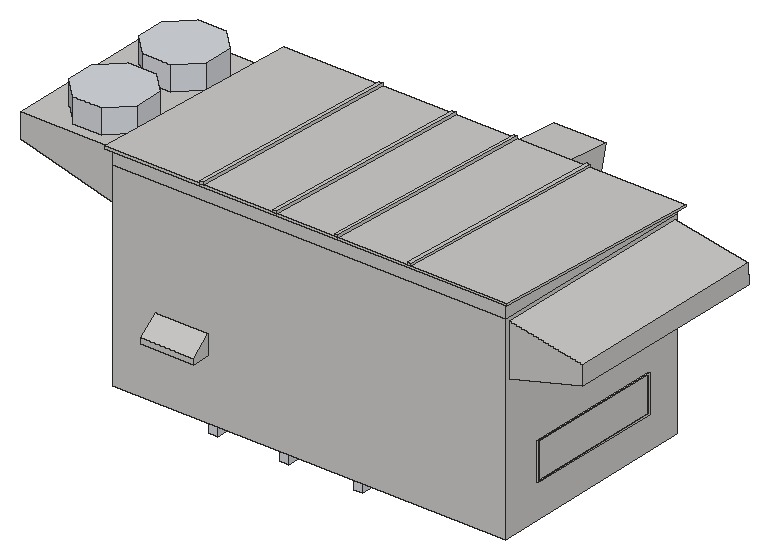
Revit family "DN5_PKGD_RT_ECH_2FP", category Mechanical Equipment, Revit 2019
Family settings
  Round Connector Dimension = Use Diameter
  Part Type = Normal
  Work Plane-Based = No
  Always vertical = Yes
  Cut with Voids When Loaded = No
  Shared = No
  Room Calculation Point = No
Parameters (values of type "4@2.70 kW 200-240V")
  Refrigerant = "R410A"
  Nominal Capacity Range = "5.5T - 30T"
  Voltage = "200-240V"
  Unit Weight (lbs) = "4825-6350 lbs."
  Unit Dimension (L x W x H) = "249-3/8\" x 128-3/8\" x 96-1/4\""
  Unit = Renewaire - Galvanized Steel
  URL = "www.renewaire.com"
  Typical Airflow Range = "1,125-4,950 CFM"
  Standard Features = "EC Motors for both airstreams, Direct drive backward inclined plenum, Higher ESP of up to 3\" w.g. at 4,500 CFM, Integrated programmable controls, True 100% face and bypass enthalpy based modulating economizer, Class 1 low leakage motorized isolation dampers, Stainless steel double-sloped drain pan with cooling option, 1\" Double wall foam injected 20 gauge galvanized panel construction with R6.5 insulation"
  Shipping Dimensions (L x W x H) = "249-3/8\" x 128-3/8\" x 96-1/4\""
  Service Area Visibility = yes
  Service Area Box = Renewaire - Interference
  Revit Object Download Link = ""
  Phase = "3"
  Options = "DX, heat pump, or chilled water cooling coil, Modulating hot gas reheat, Steam or hot water coil, gas heat module or electric heater, Onboard variable frequency drives (VFDs) - both airstreams, Fused disconnect, Spring isolators (VFDs only), 2\" Double wall foam injected 20 gauge galvanized panel construction with R13 insulation, Exterior paint - grey, white, custom color, Salt spray - 2500 hours, BACNET factory activation, GFCI convenience outlet, Recirculation damper, Drain overflow switch, Mist Eliminator, Electrofin coating for coils"
  Number of Condenser Fans = "Qty. 2, EC motor, Direct drive"
  Number Motors = "Qty. 4, Direct drive motorized impeller packages"
  Model = "DN-5XRT-2FP-ECH"
  Max. Shipping Weight (lbs) = "5000-6800 lbs."
  Manufacturer = "Renewaire LLC"
  Inlets/Outlets [instance] = "OA & RA Inlets: 60\" x 16\", SA Outlet: 24\" x 16\", EA Outlet: 20\" x 32\""
  Frequency = "50/60 Hz"
  Filters [instance] = "Total qty. 10, MERV 8: 16\" x 20\" x 2\""
  Features (default) = "BLDC Variable Speed Compressor, Integrated Refrigeration Controller, Electronic Expansion Valve, Filter Drier, Sight Glass"
  Energy Recovery Type = "Static plate total energy transfer"
  Description = "Energy Recovery Ventilator"
  Bypass Filters [instance] = "Total qty. 4, MERV 8: 16\" x 20\" x 2\""
  Available Options = "Fixed Speed Compressor, Suction Accumlator w/HGRH, Modulating 3-way Valve w/HGRH"
  Accessories = "Filters - MERV 13, 2\"  and 4\" (shipped loose), MERV 14, 2\" and 4\" (shipped loose), Additional filters available upon request, Roof curb - standard 14\", Hurricane or seismic rated curbs, Curb clip kit, Carbon dioxide sensor/control - wall mount (CO2-W), duct mount (CO2-D), IAQ sensor - wall mount (IAQ-W), duct mount (IAQ-D), Motion occupancy sensor/control - ceiling mount (MC-C), wall mount (MC-W), Smoke detector, Room temperature and humidity sensor, Duct static pressure sensor with display to 10\", without display 0-2\", Room pressure sensor with display to 1\", without display 0-1\", Waterless trap negative pressure, waterless trap positive pressure, Remote display"
  AHRI 1060 Certified Core = "One L-62-G5 and four L-125-G5"
Types (6): name | Voltage | Max. Shipping Weight (lbs)
  (no name) | "200-240V" | "5000-6800 lbs."
  4@2.70 kW 200-240V | "200-240V" | "5000-6800 lbs."
  4@3.70 kW 380-480V | "380-480V" | "4825-6350 lbs."
  4@5HP 208-230V | "208-230V" | "4825-6350 lbs."
  4@5HP 460V | "460V" | "4825-6350 lbs."
  4@5HP 575V | "575V" | "4825-6350 lbs."
Reference planes (in)
  plane 1 "Center (Front/Back)": y = 0
  plane 2: z = 0
  plane 3 "Center (Left/Right)": x = 0
  plane 4: x = -170
Forms (in)
  Extrusion 1, solid, material "Renewaire - Galvanized Steel" <- "Unit"
    sketch origin (0, 0, 0) x (1, 0, 0) y (0, 1, 0)
      loop
        line (-170, 46.5) -> (-170, -46.38324) -> (0, -46.38324) -> (0, 46.5) -> (-170, 46.5)
    from 0 to 85.625
  Extrusion 2, void
    sketch origin (0, 0, 0) x (1, 0, 0) y (0, 1, 0)
      loop
        line (-168, 44.61676) -> (-168, -44.38324) -> (-2, -44.38324) -> (-2, 44.61676) -> (-168, 44.61676)
    from -3 to 5.699
  Extrusion 3, void
    sketch origin (0, 0, 0) x (1, 0, 0) y (0, 1, 0)
      loop
        line (-161.92015, 12.11675) -> (-161.92015, -11.88325) -> (-145.92015, -11.88325) -> (-145.92015, 12.11675) -> (-161.92015, 12.11675)
      loop
        line (-22.1125, 30.11677) -> (-22.1125, -29.88323) -> (-6.1125, -29.88323) -> (-6.1125, 30.11677) -> (-22.1125, 30.11677)
    from 4.75 to 6.699
  Extrusion 4, solid, material "Renewaire - Galvanized Steel" <- "Unit"
    sketch origin (0, 0, 1) x (0, 1, 0) y (0, 0, 1)
      loop
        line (12.11677, 33.30845) -> (-11.88323, 33.30845) -> (-11.88323, 17.30844) -> (12.11677, 17.30844) -> (12.11677, 33.30845)
      loop
        line (11.99177, 33.18345) -> (-11.75823, 33.18345) -> (-11.75823, 17.43344) -> (11.99177, 17.43344) -> (11.99177, 33.18345)
    from -171 to -170
  Extrusion 5, solid, material "Renewaire - Galvanized Steel" <- "Unit"
    sketch origin (0, 0, 1) x (0, 1, 0) y (0, 0, 1)
      loop
        line (-29.87714, 30.29275) -> (-29.87714, 14.29275) -> (30.12286, 14.29275) -> (30.12286, 30.29275) -> (-29.87714, 30.29275)
      loop
        line (-29.75214, 30.16775) -> (-29.75214, 14.41775) -> (29.99786, 14.41775) -> (29.99786, 30.16775) -> (-29.75214, 30.16775)
    from 0 to 1
  Extrusion 6, void
    sketch origin (1.14181, 0, 0) x (1, 0, 0) y (0, 1, 0)
      loop
        line (-218.39977, 84.48898) -> (-218.39977, -128.52424) -> (30.97523, -128.52424) -> (30.97523, 84.48898) -> (-218.39977, 84.48898)
    from 0 to 85.625
  Extrusion 7, solid, material "Renewaire - Galvanized Steel" <- "Unit"
    sketch origin (0, 0, 0) x (1, 0, 0) y (0, 0, 1)
      loop
        line (-174.35703, 29.51719) -> (-172.22177, 21.5483) -> (-170, 21.5483) -> (-170, 30.68465) -> (-174.35703, 29.51719)
    from 13.95062 to 22.38261
  Extrusion 8, solid, material "Renewaire - Galvanized Steel" <- "Unit"
    sketch origin (0, 0, 0) x (1, 0, 0) y (0, 0, 1)
      loop
        line (0, 84.15518) -> (0, 61.47937) -> (32.11703, 70.0851) -> (32.11703, 78.49208) -> (0, 84.15518)
    from -44.7985 to 44.79848
  Extrusion 9, solid, material "Renewaire - Galvanized Steel" <- "Unit"
    sketch origin (0, -0.05715, 0) x (0, 1, 0) y (0, 0, 1)
      loop
        line (-46.32609, 34.70008) -> (-54.20109, 28.47093) -> (-54.20109, 26.14738) -> (-46.32609, 26.14738) -> (-46.32609, 34.70008)
    from -151.59033 to -128.80034
  Extrusion 10, solid, material "Renewaire - Galvanized Steel" <- "Unit"
    sketch origin (0, 0, 0) x (0, 1, 0) y (0, 0, 1)
      loop
        line (46.49998, 84.66539) -> (46.49998, 48.56516) -> (66.93162, 56.04337) -> (74.10032, 82.203) -> (46.49998, 84.66539)
    from -75.49335 to -52.94936
  Extrusion 11, solid, material "Renewaire - Galvanized Steel" <- "Unit"
    sketch origin (0, 0, 0) x (0, 1, 0) y (0, 0, 1)
      loop
        line (48.48898, 88.92286) -> (-48.48124, 93.09645) -> (-48.52424, 92.09738) -> (48.44598, 87.92379) -> (48.48898, 88.92286)
    from -172 to 2
  Extrusion 12, solid, material "Renewaire - Galvanized Steel" <- "Unit"
    sketch origin (0, 0, 0) x (0, 1, 0) y (0, 0, 1)
      loop
        line (-46.50002, 92.01025) -> (-46.50002, 85.625) -> (46.5, 85.625) -> (46.5, 88.00755) -> (-46.50002, 92.01025)
    from -170 to 0
  Extrusion 13, solid, material "Renewaire - Galvanized Steel" <- "Unit"
    sketch origin (0, 0, 0) x (0, 1, 0) y (0, 0, 1)
      loop
        line (48.53198, 89.92194) -> (-48.43824, 94.09553) -> (-48.48124, 93.09645) -> (48.48898, 88.92286) -> (48.53198, 89.92194)
    from -99.18333 to -97.51386
  Extrusion 14, solid, material "Renewaire - Galvanized Steel" <- "Unit"
    sketch origin (0, 0, 0) x (0, 1, 0) y (0, 0, 1)
      loop
        line (48.53198, 89.92194) -> (-48.43824, 94.09553) -> (-48.48124, 93.09645) -> (48.48898, 88.92286) -> (48.53198, 89.92194)
    from -72.5309 to -71.07253
  Extrusion 15, solid, material "Renewaire - Galvanized Steel" <- "Unit"
    sketch origin (0, 0, 0) x (0, 1, 0) y (0, 0, 1)
      loop
        line (48.53198, 89.92194) -> (-48.43824, 94.09553) -> (-48.48124, 93.09645) -> (48.48898, 88.92286) -> (48.53198, 89.92194)
    from -40.80093 to -39.30587
  Extrusion 16, solid, material "Renewaire - Galvanized Steel" <- "Unit"
    sketch origin (0, 0, 0) x (0, 1, 0) y (0, 0, 1)
      loop
        line (48.53198, 89.92194) -> (-48.43824, 94.09553) -> (-48.48124, 93.09645) -> (48.48898, 88.92286) -> (48.53198, 89.92194)
    from -130.7389 to -129.24387
  Extrusion 17, solid, material "Renewaire - Galvanized Steel" <- "Unit"
    sketch origin (-111.5048, 0.59476, 19.61356) x (-1, 0, 0) y (0, 0, -1)
      loop
        line (58.5, -66.01144) -> (105.75317, -66.01144) -> (105.75317, -55.74362) -> (58.5, -42.92593) -> (58.5, -66.01144)
    from 38.15726 to -38.09274
  Extrusion 18, solid
    sketch origin (-39.2883, -75.46529, 114.46561) x (0.999048, 0.043619, 0) y (-0.043619, 0.999048, 0)
      loop
        line (-143.41504, 78.57827) -> (-155.64926, 79.11243) -> (-164.67786, 70.83924) -> (-165.21202, 58.60502) -> (-156.93883, 49.57642) -> (-144.70461, 49.04226) -> (-135.67601, 57.31545) -> (-135.14185, 69.54967) -> (-143.41504, 78.57827)
    from -18.21561 to -28.84061
  Extrusion 19, solid
    sketch origin (-39.2883, -37.66513, 114.46561) x (0.999048, 0.043619, 0) y (-0.043619, 0.999048, 0)
      loop
        line (-143.41504, 78.57827) -> (-155.64926, 79.11243) -> (-164.67786, 70.83924) -> (-165.21202, 58.60502) -> (-156.93883, 49.57642) -> (-144.70461, 49.04226) -> (-135.67601, 57.31545) -> (-135.14185, 69.54967) -> (-143.41504, 78.57827)
    from -18.21561 to -28.84061
  Extrusion 20, void
    sketch origin (-201.60819, -1.48188, 96) x (1, 0, 0) y (0, 1, 0)
      loop
        line (-15.52477, 40.20513) -> (-15.52477, -36.08062) -> (29.73319, -36.08062) -> (29.73319, 40.20513) -> (-15.52477, 40.20513)
    from 0.25 to 48.25
  Extrusion 21, solid
    sketch origin (0, 0, 0) x (1, 0, 0) y (0, 1, 0)
      loop
        line (-165.39844, 37.125) -> (-142, 37.125) -> (-142, 37.6) -> (-165.39844, 37.6) -> (-165.39844, 37.125)
      loop
        line (-110.266, 37.125) -> (-100.766, 37.125) -> (-100.766, 37.6) -> (-110.266, 37.6) -> (-110.266, 37.125)
    from 0 to -6
  Extrusion 22, solid
    sketch origin (1.25, 0, 0) x (1, 0, 0) y (0, 1, 0)
      loop
        line (-132.25, -39.38324) -> (-132.25, -43.38324) -> (-128.25, -43.38324) -> (-128.25, -39.38324) -> (-132.25, -39.38324)
      loop
        line (-101.367, -43.38324) -> (-97.367, -43.38324) -> (-97.367, -39.38324) -> (-101.367, -39.38324) -> (-101.367, -43.38324)
      loop
        line (-69.522, -43.38324) -> (-65.522, -43.38324) -> (-65.522, -39.38324) -> (-69.522, -39.38324) -> (-69.522, -43.38324)
    from 0 to -6
  Extrusion 23, solid
    sketch origin (-123.1887, -17.20097, 86.5956) x (1, 0, 0) y (0, 1, 0)
      loop
        line (-48.37017, -17.68227) -> (-48.37017, -21.18227) -> (-46.80927, -21.18227) -> (-46.80927, -17.68227) -> (-48.37017, -17.68227)
    from -24.05611 to -29
Cuts and joins
  Extrusion 2, Extrusion 3, Extrusion 20 cuts Extrusion 1
  Extrusion 20 cuts Extrusion 4
  Extrusion 20 cuts Extrusion 5
  Extrusion 20 cuts Extrusion 7
  Extrusion 20 cuts Extrusion 8
  Extrusion 20 cuts Extrusion 9
  Extrusion 20 cuts Extrusion 10
  Extrusion 20 cuts Extrusion 12
  Extrusion 20 cuts Extrusion 17
  Extrusion 20 cuts Extrusion 18
  Extrusion 20 cuts Extrusion 19
Lines and regions (in)
  model lines
    curve 1: line (-132.25, -39.38324, 0) -> (-132.25, -43.38324, 0)
    curve 2: line (-101.367, -39.38324, 0) -> (-101.367, -43.38324, 0)
    curve 3: line (-69.522, -39.38324, 0) -> (-69.522, -43.38324, 0)
Dimensions and locks (in)
  aligned and locked: plane 2 to level
Connectors (in)
  hvac at (1, 0.12286, 23.29275)
    settings: on Extrusion 5, index 1, duct flow 0 CFM, flow factor 0, pres drop 0.00 in-wg, loss coef 0, conn angle 0.00°, conn width 60", conn height 16", conn diameter 24", duct sys type 2, conn prof type 1, flow config 0, flow direction 1, loss method 0, conn ref index -1, conn util no, is conn primary yes, conn desc "Return Air (RA)"
  hvac at (-171, 0.11677, 26.30845)
    settings: on Extrusion 4, index 6, duct flow 0 CFM, flow factor 0, pres drop 0.00 in-wg, loss coef 0, conn angle 0.00°, conn width 24", conn height 16", conn diameter 24", duct sys type 1, conn prof type 1, flow config 0, flow direction 2, loss method 0, conn ref index -1, conn util no, is conn primary no, conn desc "Supply Air (SA)"
  hvac at (-14.1125, 0.11677, 6.699)
    settings: on cut or joined group of Extrusion 1, Extrusion 2, Extrusion 3, Extrusion 20, index 9, duct flow 0 CFM, flow factor 0, pres drop 0.00 in-wg, loss coef 0, conn angle 0.00°, conn width 60", conn height 16", conn diameter 24", duct sys type 2, conn prof type 1, flow config 0, flow direction 1, loss method 0, conn ref index -1, conn util no, is conn primary no, conn desc "Return Air (RA)"
  hvac at (-153.92015, 0.11675, 6.699)
    settings: on cut or joined group of Extrusion 1, Extrusion 2, Extrusion 3, Extrusion 20, index 10, duct flow 0 CFM, flow factor 0, pres drop 0.00 in-wg, loss coef 0, conn angle 0.00°, conn width 24", conn height 16", conn diameter 24", duct sys type 1, conn prof type 1, flow config 0, flow direction 2, loss method 0, conn ref index -1, conn util no, is conn primary no, conn desc "Supply Air (SA)"
  piping at (-153.69922, 37.3625, -6), diameter 1
    settings: on Extrusion 21, index 11, connector inside diameter 24", connector length 0' - 0", flow factor 0, pipe flow 0 GPM, pressure drop 0.00 psi, fitting loss kfactor 0, connector angle 0.00°, fixture units 0, engagement length 0' - 0", angle of deflection 0.00°, flow configuration 0, flow direction 0, fitting loss method 0, system type 19, joint type 0, gender type 0, connector reference index -1, connector utility 0, adjustable connector no, is connector primary yes, connector description "PIPING PENETRATIONS FAN BEFORE-HW (HORIZONTAL ONLY)"
  piping at (-105.516, 37.3625, -6), diameter 1
    settings: on Extrusion 21, index 12, connector inside diameter 24", connector length 0' - 0", flow factor 0, pipe flow 0 GPM, pressure drop 0.00 psi, fitting loss kfactor 0, connector angle 0.00°, fixture units 0, engagement length 0' - 0", angle of deflection 0.00°, flow configuration 0, flow direction 0, fitting loss method 0, system type 19, joint type 0, gender type 0, connector reference index -1, connector utility 0, adjustable connector no, is connector primary no, connector description "PIPING PENETRATIONS FAN AFTER-HW"
  piping at (-129, -41.38324, -6), diameter 4
    settings: on Extrusion 22, index 13, connector inside diameter 24", connector length 0' - 0", flow factor 0, pipe flow 0 GPM, pressure drop 0.00 psi, fitting loss kfactor 0, connector angle 0.00°, fixture units 0, engagement length 0' - 0", angle of deflection 0.00°, flow configuration 2, flow direction 2, fitting loss method 0, system type 22, joint type 0, gender type 0, connector reference index -1, connector utility 0, adjustable connector no, is connector primary no, connector description "1\" NPT DRAIN FAN BEFORE-HW (HORIZONTAL ONLY)"
  piping at (-98.117, -41.38324, -6), diameter 4
    settings: on Extrusion 22, index 14, connector inside diameter 24", connector length 0' - 0", flow factor 0, pipe flow 0 GPM, pressure drop 0.00 psi, fitting loss kfactor 0, connector angle 0.00°, fixture units 0, engagement length 0' - 0", angle of deflection 0.00°, flow configuration 2, flow direction 2, fitting loss method 0, system type 22, joint type 0, gender type 0, connector reference index -1, connector utility 0, adjustable connector no, is connector primary no, connector description "1\" NPT DRAIN FAN BEFORE-DX  FAN AFTER-HW"
  piping at (-66.272, -41.38324, -6), diameter 4
    settings: on Extrusion 22, index 15, connector inside diameter 24", connector length 0' - 0", flow factor 0, pipe flow 0 GPM, pressure drop 0.00 psi, fitting loss kfactor 0, connector angle 0.00°, fixture units 0, engagement length 0' - 0", angle of deflection 0.00°, flow configuration 2, flow direction 2, fitting loss method 0, system type 22, joint type 0, gender type 0, connector reference index -1, connector utility 0, adjustable connector no, is connector primary no, connector description "1\" NPT DRAIN FAN AFTER-DX"
  electrical at (-171.55887, -36.63324, 60.06755)
    settings: on Extrusion 23, index 16, voltage 0 V, apparent load 0 VA, apparent load phase1 0 VA, apparent load phase2 0 VA, apparent load phase3 0 VA, power factor 1, load classification "Other", number of poles 1, system type 30, power factor state 1, is connector primary yes, connector utility no, sub classification motor no, connector description ""
